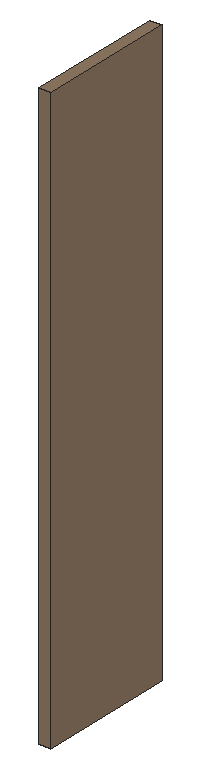
Revit family "Supports-Teknion-CEAEU-End_Panel_Upper_Cabinet-R2023", category Furniture, Revit 2023
Family settings
  OmniClass Number = 23.40.20.00
  OmniClass Title = General Furniture and Specialties
  Work Plane-Based = No
  Enable Cutting in Views = No
  Always vertical = Yes
  Cut with Voids When Loaded = No
  Render Appearance Source = Family Geometry
  Shared = Yes
  Room Calculation Point = No
Parameters (values of type "End Panel – Upper Cabinet")
  Warranty = "http://www.teknion.com/ca/papers/legal-canada"
  Unit Weight URL = "http://www.teknion.com/ca/tools/assets#&asset=bee6a381-b954-425e-8283-5a2de3a804f2,f828d448-4b62-4231-9e5f-9a8991c0ed77"
  URL = "www.teknion.com"
  To render please download texture images found here [instance] = "https://assets.teknion.com/web/5e81352c1dfdb467/revit-material-swatches/"
  Sustainability Data = "https://www.teknion.com/ca/tools/assets#&topic=216f99a5-57a0-44fc-b10a-9dee9b29ae4c&asset=444deb64-fe58-4b68-981e-f75e97781df7,b4ff2d81-9f2e-437d-9659-7cffb09c31cf"
  Series = "Casework+"  # constant formula
  Product Page URL = "https://www.teknion.com/ca//products/product-details?productLineId=30ca1270-8e7a-673b-a6c8-ff05004460c4"
  Product Line = "Finishing Components"  # constant formula
  Product Documentation Link = "http://www.teknion.com/pricingguides/Casework/pdfs/CEAEU_ppg.pdf"
  Part Number = "CEAEU"  # constant formula
  Model = "CEAEU____"  # constant formula
  Manufacturer Phone = "416-661-3370"  # constant formula
  Manufacturer Fax = "416.661.4586"  # constant formula
  Manufacturer Contact Information = "http://www.teknion.com/ca/contactus"
  Manufacturer Address = "1150 Flint Road, Toronto, ON. M3J 2J5. Canada"  # constant formula
  Manufacturer = "Teknion"  # constant formula
  How To Use Teknion Materials User Guide [instance] = "https://assets.teknion.com/m/205dd0a49fa58060/original/How-to-add-a-Material-Library-and-Texture-Images-to-your-Revit-project.pdf"
  Height [instance] = 51.000"
  For Additional Finishes please visit [instance] = "https://assets.teknion.com/m/44a8009b046e5d47/original/Teknion_Materials_Library.zip"
  End Panel Finish [instance] = Veneer - Teknion - VA - Flintwood - Sycamore
  Description = "End Panel – Upper Cabinet"  # constant formula
  Depth [instance] = 12.000"
  Default Elevation = 0.000"
  Available Height [instance] = "Available In 15, 24, 27, 30, 33, 36, 39, 42, 45 & 51 Inches"  # constant formula
  Available Depth [instance] = "Available In 12 & 15 Inches"  # constant formula
  Assembly Code = "E2020200"
Reference planes (in)
  plane 1 "Center Front/Back": y = -1.89698
  plane 2: z = 0
  plane 3 "Center Left/Right": x = 0.01246
  plane 4 "Left": x = -0.48754
  plane 5 "Right": x = 0.51246
  plane 6 "Back": y = 4.10302
  plane 7 "Front": y = -7.89698
  plane 8 "Top": z = 105
  plane 9: z = 54
Forms (in)
  Sweep 1, solid, material "Veneer - Teknion - VA - Flintwood - Sycamore" <- "End Panel Finish"
    path origin (0, -1.89698, 0) x (1, 0, 0) y (0, 0, 1)
      loop
        line (0.01246, 54) -> (0.01246, 105)
    profile origin (0.01246, -1.89698, 79.5) x (-1, 0, 0) y (0, -1, 0)
      loop
        line (0.5, -6) -> (0.5, 6) -> (-0.5, 6) -> (-0.5, -6) -> (0.5, -6)
Lines and regions (in)
  Masking region 1
    outline origin (0, 0, 0) x (1, 0, 0) y (0, 1, 0)
      loop
        line (-0.48754, 4.10302) -> (-0.48754, -7.89698) -> (0.51246, -7.89698) -> (0.51246, 4.10302) -> (-0.48754, 4.10302)
  reference lines
    curve 1: line (0.51246, 4.10302, 0) -> (0.51246, -7.89698, 0)
    curve 2: line (-0.48754, 4.10302, 0) -> (0.51246, 4.10302, 0)
    curve 3: line (-0.48754, 4.10302, 0) -> (-0.48754, -7.89698, 0)
    curve 4: line (-0.48754, -7.89698, 0) -> (0.51246, -7.89698, 0)
Dimensions and locks (in)
  plane 4 "Left" to plane 5 "Right" = 1.000"
  "Depth": plane 6 "Back" to plane 7 "Front"
  plane 8 "Top" to level = 105.000"
  equal spacing: plane 4 "Left", plane 3 "Center Left/Right", plane 5 "Right"
  equal spacing: plane 6 "Back", plane 1 "Center Front/Back", plane 7 "Front"
  locked: plane 9 to plane 2 at 54
  "Height": plane 8 "Top" to plane 9
  aligned and locked: level to plane 2
  aligned and locked: Masking region 1 sketch curve to plane 4 "Left"
  aligned and locked: Masking region 1 sketch curve to plane 6 "Back"
  aligned and locked: plane 5 "Right" to Masking region 1 sketch curve
  aligned and locked: Masking region 1 sketch curve to plane 7 "Front"
  aligned and locked: plane 3 "Center Left/Right" to Sweep 1 sketch curve
  aligned and locked: plane 9 to Sweep 1 sketch curve
  aligned and locked: plane 8 "Top" to Sweep 1 sketch curve
  aligned and locked: Sweep 1 sketch curve to plane 4 "Left"
  aligned and locked: plane 5 "Right" to Sweep 1 sketch curve
  aligned and locked: Sweep 1 sketch curve to plane 6 "Back"
  aligned and locked: Sweep 1 sketch curve to plane 7 "Front"
  aligned and locked: plane 5 "Right" to curve 1
  aligned and locked: curve 2 to plane 6 "Back"
  aligned and locked: curve 3 to plane 4 "Left"
  aligned and locked: curve 4 to plane 7 "Front"
  aligned and locked: nested 4 to plane 7 "Front"
  aligned and locked: nested 3 to plane 7 "Front"
  aligned and locked: nested 2 to plane 6 "Back"
  aligned and locked: nested 1 to plane 6 "Back"
  aligned and locked: nested 1 to plane 5 "Right"
  aligned and locked: nested 4 to plane 5 "Right"
  aligned and locked: plane 4 "Left" to nested 2
  aligned and locked: nested 3 to plane 4 "Left"
Nested families (in)
  nested 1: "Teknion_2D_Node_Family-R2021" at (0.51246, 4.10302, 0), type "Teknion_2D_Node_Family-R2021"
  nested 2: "Teknion_2D_Node_Family-R2021" at (-0.48754, 4.10302, 0), type "Teknion_2D_Node_Family-R2021"
  nested 3: "Teknion_2D_Node_Family-R2021" at (-0.48754, -7.89698, 0), type "Teknion_2D_Node_Family-R2021"
  nested 4: "Teknion_2D_Node_Family-R2021" at (0.51246, -7.89698, 0), type "Teknion_2D_Node_Family-R2021"
Definition of nested family "Teknion_2D_Node_Family-R2021"
  Reference planes (in)
    plane 1 "Center (Front/Back)": y = 0
    plane 2: z = 0
    plane 3 "Center (Left/Right)": x = 0
  Lines and regions (in)
    detail lines, in view "Ref. Level"
      curve 1: circle (0, 0, 0) r 1.25 normal (0, 0, 1)
      curve 2: line (1.91508, -1.91508, 0) -> (-1.91508, 1.91508, 0)
      curve 3: line (-1.91508, -1.91508, 0) -> (1.91508, 1.91508, 0)
